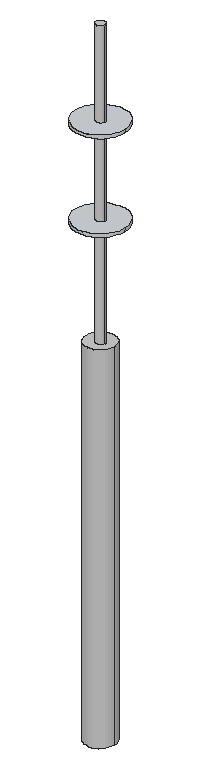
Revit family "Disk Grout", category Structural Columns, Revit 2021
Family settings
  Display in Hidden Views = Edges Hidden by Other Members
  Section Shape = Not Defined
  Material for Model Behavior = Concrete
  Always export as geometry = No
  Beam cutback in plan = From geometry
  OmniClass Number = 23.25.30.11.14.11
  OmniClass Title = Columns
  Cut with Voids When Loaded = No
  Symbolic Representation = From Family
  Shared = No
  Show family pre-cut in plan views = Yes
Parameters (values of type "300mm")
  Structural Material [instance] = Concrete, Cast-in-Place gray
  Grout Void = D anchor Rod / 2  # 31.75 mm
  Grout Material = Concrete, Cast-in-Place gray
  Disk Thickness = 20.00 mm
  Disk Material = none
  Disk Diameter = 350.00 mm
  Disk 2 Offset = 1370.00 mm
  Disk 1 Offset = 750.00 mm
  D anchor Rod = 63.50 mm
  D Void = 63.50 mm
  D Grout = 200.00 mm
  Anchor material = Concrete, Cast-in-Place gray
  Anchor Height Offset = 1995.00 mm
Types (5, lengths in mm): name | Disk Thickness | Disk 1 Offset | D Void | D Grout | Anchor Height Offset
  (no name) | 140.00 | 380.00 | 63.50 | 200.00 | 1995.00
  300mm | 20.00 | 750.00 | 63.50 | 200.00 | 1995.00
  450mm | 140.00 | 380.00 | 90.00 | 300.00 | 356.169
  600mm | 140.00 | 380.00 | 90.00 | 300.00 | 356.169
  750mm | 140.00 | 380.00 | 90.00 | 300.00 | 356.169
Reference planes
  plane 1 "Center (Front/Back)": y = 0
  plane 2: z = 0
  plane 3 "Center (Left/Right)": x = 0
  plane 4: x = -100
  plane 5: x = 100
  plane 6: y = 100
  plane 7: y = -100
  plane 8: z = 3250
  plane 9: z = 3270
  plane 10: z = 3870
  plane 11: z = 3890
Forms (mm)
  Extrusion 1, solid, material "Concrete, Cast-in-Place gray" <- "Grout Material"
    sketch origin (0, 0, 0) x (1, 0, 0) y (0, 1, 0)
      loop
        circle (0, 0) r 100
      loop
        circle (0, 0) r 31.75
    from 0 to 2500
  Extrusion 2, solid
    sketch origin (0, 0, 0) x (1, 0, 0) y (0, 1, 0)
      loop
        circle (0, 0) r 31.75
    from 0 to 304.8
  Extrusion 3, solid, material "Concrete, Cast-in-Place gray" <- "Anchor material"
    sketch origin (0, 0, 0) x (1, 0, 0) y (0, 1, 0)
      loop
        circle (0, 0) r 31.75
    from 0 to 4495
  Extrusion 4, solid, material <- "Disk Material"
    sketch origin (0, 0, 0) x (1, 0, 0) y (0, 1, 0)
      loop
        circle (0, 0) r 175
    from 3270 to 3250
  Extrusion 5, solid, material <- "Disk Material"
    sketch origin (0, 0, 0) x (1, 0, 0) y (0, 1, 0)
      loop
        circle (0, 0) r 175
    from 3870 to 3890
Dimensions and locks
  equal spacing: plane 4, plane 3 "Center (Left/Right)", plane 5
  equal spacing: plane 7, plane 1 "Center (Front/Back)", plane 6
  "D Grout": plane 7 to plane 6
  "D Grout": plane 4 to plane 5
  "Anchor Height Offset": Extrusion 3 to level
  "Disk Thickness": plane 9 to plane 8
  "Disk 1 Offset": plane 8 to level
  "Disk Thickness": plane 11 to plane 10
  "Disk 2 Offset": plane 10 to level
  "D Grout": diameter of Extrusion 1 sketch curve
  "D anchor Rod": diameter of Extrusion 3 sketch curve
  diameter of Extrusion 3 = 63.50 mm
  "Grout Void": radius of Extrusion 1 sketch curve
  "Disk Diameter": diameter of Extrusion 4 sketch curve
  "Disk Diameter": diameter of Extrusion 5 sketch curve
  aligned and locked: level to plane 2
  aligned and locked: plane 5 to Extrusion 1
  aligned and locked: level to Extrusion 1
  aligned and locked: Extrusion 1 to level
  aligned and locked: Extrusion 3 to level
  aligned and locked: Extrusion 4 to plane 8
  aligned and locked: plane 9 to Extrusion 4
  aligned and locked: Extrusion 5 to plane 10
  aligned and locked: plane 11 to Extrusion 5
Automatic sketch dimensions
  plane 1 "Center (Front/Back)" to Extrusion 2 sketch curve = 0.00 mm
  Extrusion 2 sketch curve to plane 3 "Center (Left/Right)" = 0.00 mm
  plane 1 "Center (Front/Back)" to Extrusion 3 sketch curve = 0.00 mm
  Extrusion 3 sketch curve to plane 3 "Center (Left/Right)" = 0.00 mm
  Extrusion 1 sketch curve to Extrusion 1 sketch curve = 0.00 mm  (x2)
  plane 1 "Center (Front/Back)" to Extrusion 1 sketch curve = 0.00 mm
  Extrusion 1 sketch curve to plane 3 "Center (Left/Right)" = 0.00 mm
  plane 1 "Center (Front/Back)" to Extrusion 4 sketch curve = 0.00 mm
  Extrusion 4 sketch curve to plane 3 "Center (Left/Right)" = 0.00 mm
  plane 1 "Center (Front/Back)" to Extrusion 5 sketch curve = 0.00 mm
  Extrusion 5 sketch curve to plane 3 "Center (Left/Right)" = 0.00 mm
  radius of Extrusion 2 sketch curve = 31.75 mm
